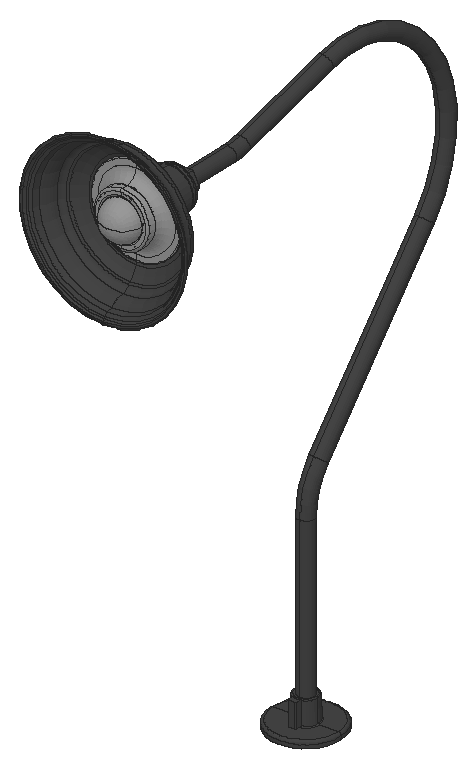
Revit family "BLE-G-WHB-G2-LED", category Lighting Fixtures, host Face, Revit 2022
Family settings
  Host = Face
  Round Connector Dimension = Use Diameter
  Part Type = Normal
  Cut with Voids When Loaded = No
  Light Source = Yes
  Maintain Annotation Orientation = No
  Shared = No
  Room Calculation Point = No
Parameters (values of type "11" Dome")
  Wattage = 5.72229 W
  built-in parameter 1150110 = 1 (stored number, unit not read)
  built-in parameter 1114217 = 1 (stored number, unit not read)
  Tilt Angle = 0.00°
  built-in parameter 1150109 = 1 (stored number, unit not read)
  built-in parameter 1150134 = (empty or 0)
  built-in parameter 1150113 = 1 (stored number, unit not read)
  Heat Sink 6" = yes
  Heat Sink = 1' - 1 3/4"
  Heat Sink 9" = no
  Gooseneck Material = 100 - Black
  Shade Material = 100 - Black
  Photometric Web File = "generic"
  built-in parameter 1150142 = (empty or 0)
  built-in parameter 1150105 = 67.641 (stored number, unit not read)
  Lumens = 850 lm
  built-in parameter 1150115 = 1 (stored number, unit not read)
  built-in parameter 1150137 = (empty or 0)
  built-in parameter 1150139 = (empty or 0)
  built-in parameter 1150112 = 1 (stored number, unit not read)
  built-in parameter 1150114 = 1 (stored number, unit not read)
  built-in parameter 1150132 = 2
  built-in parameter 1150102 = (empty or 0)
  built-in parameter 1150107 = 3000 (stored number, unit not read)
  built-in parameter 1150138 = (empty or 0)
  built-in parameter 1150106 = 0.67641 (stored number, unit not read)
  Flat = no
  built-in parameter 1150104 = 13.8 (stored number, unit not read)
  Dome = yes
  Dimming Lamp Color Temperature Shift = <None>
  Default Elevation = 4' - 0"
  Color Filter = 16777215
  Base Material = 100 - Black
  built-in parameter 1114218 = 1 (stored number, unit not read)
  built-in parameter 1150133 = 10 (stored number, unit not read)
  17" = no
  15" = no
  13" = no
  11" = yes
Reference planes (in)
  plane 1 "Center (Front/Back)": y = 0
  plane 2: z = 0
  plane 3 "Center (Left/Right)": x = 0
Lines and regions (in)
  reference lines
    curve 1: line (0, -13.75, 42.99662) -> (0, -13.75, 29.99662)
    curve 2: line (0, 34, 0) -> (0, -35, 0)
    curve 3: line (-37, 0, 0) -> (35, 0, 0)
Dimensions and locks (in)
  "Heat Sink": plane 1 "Center (Front/Back)" to curve 1
  locked: curve 1 to imposter light at 1
  aligned and locked: plane 2 to host face
  aligned and locked: level to host face
  aligned and locked: plane 3 "Center (Left/Right)" to nested 1
  aligned and locked: plane 1 "Center (Front/Back)" to nested 1
  aligned and locked: nested 4 to imposter light
  aligned and locked: nested 5 to imposter light
  aligned and locked: plane 3 "Center (Left/Right)" to nested 2
  aligned and locked: imposter light to nested 6
  aligned and locked: nested 3 to plane 3 "Center (Left/Right)"
  aligned and locked: nested 7 to imposter light
  aligned and locked: plane 1 "Center (Front/Back)" to curve 3
  aligned and locked: curve 2 to plane 3 "Center (Left/Right)"
  aligned and locked: nested 3 to imposter light
  aligned and locked: imposter light to nested 2
Automatic sketch dimensions
  host sketch curve to host sketch curve = 8' - 0"  (x2)
  curve 3 to plane 3 "Center (Left/Right)" = 3' - 1"
  plane 3 "Center (Left/Right)" to curve 3 = 2' - 11"
  plane 1 "Center (Front/Back)" to curve 2 = 2' - 11"
  curve 2 to plane 1 "Center (Front/Back)" = 2' - 10"
  level to curve 1 = 2' - 5.99662"
  curve 1 to curve 1 = 1' - 1"
Nested families (in)
  nested 1: "WBP-7501" at (0, 0, 0), type "WBP-7501"
  nested 2: "G2" at (0, 0, 1.975), type "G2"
  nested 3: "WHB Shade" at (0, -10.6684, 36.53884) x (0, 0, -1) z (0, -1, 0), type "WHB Shade"
    with 8" no, 6" no, 17" no, 15" no, 13" no
  nested 4: "103264" at (0, -13.75, 36.53884) x (0, 0, -1) z (0, -1, 0), type "103264"
    with Heat Sink 9" no
  nested 5: "ACR-0306" at (0, -15.00004, 36.53884) x (1, 0, 0) z (0, -1, 0), type "ACR-0306"
    with Flat no, Dome yes
  nested 6: "RNG-0007" at (0, -15.08114, 36.53884) x (0, 0, 1) z (0, -1, 0), type "RNG-0007"
  nested 7: "CPL-0004" at (0, -10.01822, 36.53884) x (1, 0, 0) z (0, -1, 0), type "CPL-0004"
  nested 8: "103805" at (0, -13.75, 36.53884) x (0, 0, -1) z (0, -1, 0), type "103805"
Connectors (in)
  electrical at (0, 0, 0)
    settings: index 1, voltage 0 V, apparent load 0 VA, apparent load phase1 0 VA, apparent load phase2 0 VA, apparent load phase3 0 VA, power factor 1, load classification "Other", number of poles 1, system type 31, power factor state 1, is connector primary yes, connector utility no, sub classification motor no, connector description ""
Definition of nested family "WBP-7501"
  Parameters (values of type "WBP-7501")
    Default Elevation = 3' - 0"
    Base Material = none
  Reference planes (in)
    plane 1 "Center (Front/Back)": y = 0
    plane 2: z = 0
    plane 3 "Center (Left/Right)": x = 0
    plane 4 "Base Dia": x = -2.325
    plane 5 "Base Height": z = 0.4
    plane 6 "Fillet Radius": z = 0.225
    plane 7: z = 0.458
    plane 8: x = -0.87
    plane 9: x = -0.81
    plane 10: x = -0.76
    plane 11: z = 1.917
    plane 12: z = 1.975
    plane 13: x = -0.7
    plane 14: x = -0.2595
    plane 15: x = 0.2595
    plane 16: y = -1.135
  Forms (in)
    Extrusion 1, solid
      sketch origin (0, 0, 0) x (1, 0, 0) y (0, 1, 0)
        loop
          line (-48, 48) -> (-48, -48) -> (48, -48) -> (48, 48) -> (-48, 48)
      from 0 to -12
    Revolve 2, solid, material <- "Base Material"
      sketch origin (0, 0, 0) x (1, 0, 0) y (0, 0, 1)
        loop
          line (0, 0) -> (0, 1.975) -> (-0.7, 1.975)
          arc (-0.7, 1.975) -> (-0.74172, 1.95814) -> (-0.76, 1.91702) r 0.06003
          line (-0.76, 1.91702) -> (-0.81, 0.458)
          arc (-0.81, 0.458) -> (-0.82699, 0.41699) -> (-0.868, 0.4) r 0.058
          line (-0.868, 0.4) -> (-2.15, 0.4)
          arc (-2.15, 0.4) -> (-2.27374, 0.34874) -> (-2.325, 0.225) r 0.175
          line (-2.325, 0.225) -> (-2.325, 0) -> (0, 0)
        axis (0, 0) -> (0, 1.975)
      angle from 0 to 360
    Extrusion 3, solid, material <- "Base Material"
      sketch origin (0, 0, 0) x (1, 0, 0) y (0, 1, 0)
        loop
          line (-0.2595, -0.76731) -> (-0.2595, -1.075)
          arc (-0.2595, -1.075) -> (-0.24193, -1.11743) -> (-0.1995, -1.135) r 0.06
          line (-0.1995, -1.135) -> (0.1995, -1.135)
          arc (0.1995, -1.135) -> (0.24193, -1.11743) -> (0.2595, -1.075) r 0.06
          line (0.2595, -1.075) -> (0.2595, -0.76731)
          arc (0.2595, -0.76731) -> (0, -0.81) -> (-0.2595, -0.76731) r 0.81
      from 0 to 1.975
  Cuts and joins
    joined: Revolve 2, Extrusion 3
  Dimensions and locks (in)
    plane 4 "Base Dia" to plane 3 "Center (Left/Right)" = 0' - 2.325"
    locked: plane 5 "Base Height" to Extrusion 1 at 0.4
    locked: plane 3 "Center (Left/Right)" to plane 4 "Base Dia" at 2.325
    locked: plane 5 "Base Height" to plane 6 "Fillet Radius" at 0.175
    locked: plane 3 "Center (Left/Right)" to plane 9 at 0.81
    locked: plane 3 "Center (Left/Right)" to plane 8 at 0.87
    locked: plane 3 "Center (Left/Right)" to plane 10 at 0.76
    locked: plane 3 "Center (Left/Right)" to plane 13 at 0.7
    locked: plane 11 to plane 5 "Base Height" at 1.517
    locked: plane 12 to plane 5 "Base Height" at 1.575
    locked: plane 7 to plane 5 "Base Height" at 0.058
    locked: plane 14 to plane 3 "Center (Left/Right)" at 0.2595
    locked: plane 3 "Center (Left/Right)" to plane 15 at 0.2595
    locked: plane 16 to plane 1 "Center (Front/Back)" at 1.135
    radius of Revolve 2 sketch curve = 0' - 0.175"
    aligned and locked: plane 2 to Extrusion 1
    aligned and locked: level to Extrusion 1
    aligned and locked: Revolve 2 sketch curve to plane 5 "Base Height"
    aligned and locked: plane 9 to Revolve 2 sketch curve
    aligned and locked: plane 3 "Center (Left/Right)" to Revolve 2 sketch curve
    aligned and locked: plane 15 to Extrusion 3 sketch curve
    aligned and locked: Extrusion 3 sketch curve to plane 16
    aligned and locked: Extrusion 3 sketch curve to plane 14
  Automatic sketch dimensions
    Extrusion 1 sketch curve to Extrusion 1 sketch curve = 8' - 0"  (x2)
    Revolve 2 sketch curve to level = 0' - 0"
    Revolve 2 sketch curve to plane 4 "Base Dia" = 0' - 0"
    Revolve 2 sketch curve to plane 7 = 0' - 0"  (x2)
    plane 10 to Revolve 2 sketch curve = 0' - 0"
    Revolve 2 sketch curve to plane 12 = 0' - 0"
    Revolve 2 sketch curve to plane 13 = 0' - 0"
    Revolve 2 sketch curve to plane 3 "Center (Left/Right)" = 0' - 0"
    Revolve 2 sketch curve to Revolve 2 sketch curve = 0' - 0.22742"
    Revolve 2 sketch curve to Revolve 2 sketch curve = 0' - 1.76377"
    plane 1 "Center (Front/Back)" to Extrusion 3 sketch curve = 0' - 0"
    Extrusion 3 sketch curve to plane 3 "Center (Left/Right)" = 0' - 0"
    plane 14 to Extrusion 3 sketch curve = 0' - 0.06"
    Extrusion 3 sketch curve to plane 15 = 0' - 0.06"
    Extrusion 3 sketch curve to Extrusion 3 sketch curve = 0' - 0.30769"
Definition of nested family "G2"
  Parameters (values of type "G2")
    Gooseneck Material = none
    Default Elevation = 2' - 0"
  Types (2): name
    G2
    G1
  Reference planes (in)
    plane 1 "Center (Front/Back)": y = 0
    plane 2: z = 0
    plane 3 "Center (Left/Right)": x = 0
    plane 4 "Wood Height": z = 0
    plane 5: z = 34.56384
  Forms (in)
    Extrusion 1, solid
      sketch origin (0, 0, 0) x (1, 0, 0) y (0, 1, 0)
        loop
          line (-48, 48) -> (-48, -48) -> (48, -48) -> (48, 48) -> (-48, 48)
      from 0 to -12
    Sweep 2, solid, material <- "Gooseneck Material"
      path origin (0, 0, 0) x (0, 1, 0) y (0, 0, 1)
        loop
          line (0, -0.0015) -> (0, 10.43002)
          arc (0, 10.43002) -> (0.27056, 11.96443) -> (1.0496, 13.31376) r 4.4863
          line (1.0496, 13.31376) -> (9.73039, 23.65912)
          arc (9.73039, 23.65912) -> (10.34916, 33.09982) -> (1.53148, 36.52883) r 8
          line (1.53148, 36.52883) -> (-5.23817, 34.71491)
          arc (-5.23817, 34.71491) -> (-5.80697, 34.60177) -> (-6.38567, 34.56384) r 4.4336
          line (-6.38567, 34.56384) -> (-10.01822, 34.56384)
      profile origin (0, 0, 5.21426) x (0, -1, 0) y (1, 0, 0)
        loop
          circle (0, 0) r 0.52676
  Dimensions and locks (in)
    aligned and locked: plane 2 to Extrusion 1
    aligned and locked: level to Extrusion 1
    aligned and locked: Extrusion 1 to plane 4 "Wood Height"
  Automatic sketch dimensions
    Extrusion 1 sketch curve to Extrusion 1 sketch curve = 8' - 0"  (x2)
    Sweep 2 sketch curve to plane 1 "Center (Front/Back)" = 0' - 0"
    plane 1 "Center (Front/Back)" to Sweep 2 sketch curve = 0' - 5.23817"
    Sweep 2 sketch curve to Sweep 2 sketch curve = 0' - 1.1475"
    Sweep 2 sketch curve to plane 1 "Center (Front/Back)" = 0' - 1.0496"
    Sweep 2 sketch curve to plane 1 "Center (Front/Back)" = 0' - 1.53148"
    Sweep 2 sketch curve to plane 1 "Center (Front/Back)" = 0' - 3.60203"
    Sweep 2 sketch curve to Sweep 2 sketch curve = 0' - 6.12836"
    level to Sweep 2 sketch curve = 0' - 10.43002"
    Sweep 2 sketch curve to Sweep 2 sketch curve = 0' - 3.63255"
    Sweep 2 sketch curve to level = 0' - 0.0015"
    Sweep 2 sketch curve to Sweep 2 sketch curve = 0' - 2.88374"
    Sweep 2 sketch curve to plane 3 "Center (Left/Right)" = 0' - 0"
    Sweep 2 sketch curve to profile plane = 0' - 0"
    radius of Sweep 2 sketch curve = 0' - 0.52676"
Definition of nested family "WHB Shade"
  Parameters (values of type "WHB Shade")
    Shade Material = none
    Default Elevation = 2' - 0"
    17" = yes
    15" = yes
    13" = yes
    11" = yes
    8" = yes
    6" = yes
  Reference planes (in)
    plane 1 "Center (Front/Back)": y = 0
    plane 2: z = 0
    plane 3 "Center (Left/Right)": x = 0
  Forms (in)
    Extrusion 1, solid
      sketch origin (0, 0, 0) x (1, 0, 0) y (0, 1, 0)
        loop
          line (-48, 48) -> (-48, -48) -> (48, -48) -> (48, 48) -> (-48, 48)
      from 0 to -12
  Dimensions and locks (in)
    aligned and locked: plane 2 to Extrusion 1
    aligned and locked: level to Extrusion 1
    aligned and locked: plane 1 "Center (Front/Back)" to nested 1
    aligned and locked: plane 3 "Center (Left/Right)" to nested 1
    aligned and locked: plane 3 "Center (Left/Right)" to nested 2
    aligned and locked: plane 1 "Center (Front/Back)" to nested 2
    aligned and locked: plane 1 "Center (Front/Back)" to nested 3
    aligned and locked: plane 3 "Center (Left/Right)" to nested 3
    aligned and locked: plane 3 "Center (Left/Right)" to nested 4
    aligned and locked: plane 1 "Center (Front/Back)" to nested 4
    aligned and locked: plane 1 "Center (Front/Back)" to nested 5
    aligned and locked: plane 3 "Center (Left/Right)" to nested 5
    aligned and locked: plane 3 "Center (Left/Right)" to nested 6
    aligned and locked: plane 1 "Center (Front/Back)" to nested 6
  Nested families (in)
    nested 1: "SHD-0073" at (0, 0, 0), visible <- "6"", type "SHD-0073"
    nested 2: "SHD-0074" at (0, 0, 0), visible <- "8"", type "SHD-0074"
    nested 3: "SHD-0019" at (0, 0, 0), visible <- "11"", type "SHD-0019"
    nested 4: "SHD-0020" at (0, 0, 0), visible <- "13"", type "SHD-0020"
    nested 5: "SHD-0022" at (0, 0, 0), visible <- "17"", type "SHD-0022"
    nested 6: "SHD-0021" at (0, 0, 0), visible <- "15"", type "SHD-0021"
  Definition of nested family "SHD-0073"
    Parameters (values of type "SHD-0073")
      Shade Material = none
      Default Elevation = 2' - 0"
    Reference planes (in)
      plane 1 "Center (Front/Back)": y = 0
      plane 2: z = 0
      plane 3 "Center (Left/Right)": x = 0
    Forms (in)
      Extrusion 1, solid
        sketch origin (0.09263, 0, 0.02324) x (1, 0, 0) y (0, 1, 0)
          loop
            line (-48, 48) -> (-48, -48) -> (48, -48) -> (48, 48) -> (-48, 48)
        from -0.02324 to -12
      Revolve 2, solid, material <- "Shade Material"
        sketch origin (0, 0, 0) x (1, 0, 0) y (0, 0, 1)
          loop
            line (0, 0.03906) -> (-0.87579, 0.03906)
            arc (-0.87579, 0.03906) -> (-0.93447, 0.06284) -> (-0.96005, 0.12076) r 0.0843
            line (-0.96005, 0.12076) -> (-0.98861, 1.04523)
            arc (-0.98861, 1.04523) -> (-1.01951, 1.13722) -> (-1.09617, 1.19672) r 0.16785
            arc (-1.09617, 1.19672) -> (-1.12932, 1.21983) -> (-1.14792, 1.25572) r 0.08435
            line (-1.14792, 1.25572) -> (-1.30194, 1.8953)
            arc (-1.30194, 1.8953) -> (-1.55722, 2.3583) -> (-2.01293, 2.62636) r 0.99978
            arc (-2.01293, 2.62636) -> (-2.33316, 2.81372) -> (-2.51458, 3.13736) r 0.70762
            line (-2.51458, 3.13736) -> (-2.88606, 4.61912)
            arc (-2.88606, 4.61912) -> (-2.89984, 4.6509) -> (-2.9231, 4.67657) r 0.10636
            arc (-2.9231, 4.67657) -> (-2.93679, 4.69272) -> (-2.94325, 4.71288) r 0.05416
            line (-2.94325, 4.71288) -> (-2.95995, 4.8599) -> (-2.99926, 4.8599) -> (-2.98018, 4.69189)
            arc (-2.98018, 4.69189) -> (-2.97181, 4.6682) -> (-2.95392, 4.65055) r 0.05598
            arc (-2.95392, 4.65055) -> (-2.93493, 4.63302) -> (-2.92395, 4.60962) r 0.0673
            line (-2.92395, 4.60962) -> (-2.55247, 3.12786)
            arc (-2.55247, 3.12786) -> (-2.36104, 2.78636) -> (-2.02313, 2.58865) r 0.74668
            arc (-2.02313, 2.58865) -> (-1.58522, 2.33106) -> (-1.33991, 1.88616) r 0.96072
            line (-1.33991, 1.88616) -> (-1.1859, 1.24657)
            arc (-1.1859, 1.24657) -> (-1.15869, 1.19407) -> (-1.11018, 1.16026) r 0.12341
            arc (-1.11018, 1.16026) -> (-1.05137, 1.1146) -> (-1.02765, 1.04402) r 0.12878
            line (-1.02765, 1.04402) -> (-0.99909, 0.11955)
            arc (-0.99909, 0.11955) -> (-0.96166, 0.0348) -> (-0.87579, 0) r 0.12336
            line (-0.87579, 0) -> (0, 0) -> (0, 0.03906)
          axis (0, 4.8599) -> (0, 0)
        angle from 0 to 360
    Dimensions and locks (in)
      aligned and locked: plane 2 to Extrusion 1
      aligned and locked: level to Extrusion 1
    Automatic sketch dimensions
      Extrusion 1 sketch curve to Extrusion 1 sketch curve = 8' - 0"  (x2)
      Revolve 2 sketch curve to Revolve 2 sketch curve = 0' - 0"  (x12)
      Revolve 2 sketch curve to level = 0' - 0"
      Revolve 2 sketch curve to plane 3 "Center (Left/Right)" = 0' - 0"  (x2)
      level to Revolve 2 sketch curve = 0' - 0.12336"
      Revolve 2 sketch curve to plane 3 "Center (Left/Right)" = 0' - 0.87579"
      level to Revolve 2 sketch curve = 0' - 0.12076"
      Revolve 2 sketch curve to Revolve 2 sketch curve = 0' - 0.08426"
      Revolve 2 sketch curve to Revolve 2 sketch curve = 0' - 0.02856"
      level to Revolve 2 sketch curve = 0' - 0.11955"
      Revolve 2 sketch curve to Revolve 2 sketch curve = 0' - 0 5/128"
      Revolve 2 sketch curve to Revolve 2 sketch curve = 0' - 0.03827"
      Revolve 2 sketch curve to Revolve 2 sketch curve = 0' - 0.08201"
      Revolve 2 sketch curve to Revolve 2 sketch curve = 0' - 0.12872"
      Revolve 2 sketch curve to Revolve 2 sketch curve = 0' - 0.03798"  (x2)
      Revolve 2 sketch curve to Revolve 2 sketch curve = 0' - 0.15401"
      Revolve 2 sketch curve to Revolve 2 sketch curve = 0' - 0 125/256"
      Revolve 2 sketch curve to Revolve 2 sketch curve = 0' - 0.93402"
      Revolve 2 sketch curve to Revolve 2 sketch curve = 0' - 0.68638"
      Revolve 2 sketch curve to Revolve 2 sketch curve = 0' - 0.03789"  (x2)
      Revolve 2 sketch curve to Revolve 2 sketch curve = 0' - 0.37148"
      Revolve 2 sketch curve to Revolve 2 sketch curve = 0' - 0.00338"
      Revolve 2 sketch curve to Revolve 2 sketch curve = 0' - 0.03513"
      Revolve 2 sketch curve to Revolve 2 sketch curve = 0' - 0.01869"
      Revolve 2 sketch curve to Revolve 2 sketch curve = 0' - 0.03693"
      Revolve 2 sketch curve to Revolve 2 sketch curve = 0' - 0.06528"
      Revolve 2 sketch curve to Revolve 2 sketch curve = 0' - 0.05601"
      Revolve 2 sketch curve to Revolve 2 sketch curve = 0' - 0.00121"
      Revolve 2 sketch curve to Revolve 2 sketch curve = 0' - 0.20652"
      Revolve 2 sketch curve to Revolve 2 sketch curve = 0' - 0.00914"  (x2)
      Revolve 2 sketch curve to Revolve 2 sketch curve = 0' - 0.01975"
      Revolve 2 sketch curve to Revolve 2 sketch curve = 0' - 1.46662"
      Revolve 2 sketch curve to Revolve 2 sketch curve = 0' - 0.0095"  (x2)
      Revolve 2 sketch curve to Revolve 2 sketch curve = 0' - 0.17208"
      Revolve 2 sketch curve to Revolve 2 sketch curve = 0' - 0.09863"
      Revolve 2 sketch curve to Revolve 2 sketch curve = 0' - 0.00632"
      Revolve 2 sketch curve to Revolve 2 sketch curve = 0' - 0.01467"
      Revolve 2 sketch curve to Revolve 2 sketch curve = 0' - 0.02078"
      Revolve 2 sketch curve to Revolve 2 sketch curve = 0' - 0.68038"
      Revolve 2 sketch curve to Revolve 2 sketch curve = 0' - 0.3547"
  Definition of nested family "SHD-0074"
    Parameters (values of type "SHD-0074")
      Shade Material = none
      Default Elevation = 2' - 0"
    Reference planes (in)
      plane 1 "Center (Front/Back)": y = 0
      plane 2: z = 0
      plane 3 "Center (Left/Right)": x = 0
    Forms (in)
      Extrusion 1, solid
        sketch origin (0.09263, 0, 0.02324) x (1, 0, 0) y (0, 1, 0)
          loop
            line (-48, 48) -> (-48, -48) -> (48, -48) -> (48, 48) -> (-48, 48)
        from -0.02324 to -12
      Revolve 2, solid, material <- "Shade Material"
        sketch origin (0, 0, 0) x (1, 0, 0) y (0, 0, 1)
          loop
            line (0, 0) -> (0, 0.03906) -> (-1.14807, 0.03906)
            arc (-1.14807, 0.03906) -> (-1.2741, 0.09017) -> (-1.32894, 0.21462) r 0.18095
            line (-1.32894, 0.21462) -> (-1.3651, 1.42566)
            arc (-1.3651, 1.42566) -> (-1.39345, 1.51093) -> (-1.46402, 1.56657) r 0.15656
            arc (-1.46402, 1.56657) -> (-1.53401, 1.61608) -> (-1.57335, 1.69225) r 0.18097
            line (-1.57335, 1.69225) -> (-1.77626, 2.52967)
            arc (-1.77626, 2.52967) -> (-2.09487, 3.10739) -> (-2.66269, 3.44334) r 1.25363
            arc (-2.66269, 3.44334) -> (-3.11575, 3.71011) -> (-3.37255, 4.1689) r 1.00681
            line (-3.37255, 4.1689) -> (-3.85994, 6.109)
            arc (-3.85994, 6.109) -> (-3.87317, 6.13828) -> (-3.8958, 6.16109) r 0.09052
            arc (-3.8958, 6.16109) -> (-3.92393, 6.19141) -> (-3.93708, 6.23062) r 0.09827
            line (-3.93708, 6.23062) -> (-3.96079, 6.44195) -> (-4.0001, 6.44195) -> (-3.9759, 6.22627)
            arc (-3.9759, 6.22627) -> (-3.95752, 6.17147) -> (-3.91821, 6.12909) r 0.13733
            arc (-3.91821, 6.12909) -> (-3.90535, 6.11612) -> (-3.89782, 6.09948) r 0.05146
            line (-3.89782, 6.09948) -> (-3.41044, 4.15939)
            arc (-3.41044, 4.15939) -> (-3.14367, 3.6828) -> (-2.67303, 3.40567) r 1.04587
            arc (-2.67303, 3.40567) -> (-2.12291, 3.08019) -> (-1.81423, 2.52047) r 1.21457
            line (-1.81423, 2.52047) -> (-1.61132, 1.68305)
            arc (-1.61132, 1.68305) -> (-1.56348, 1.59044) -> (-1.47839, 1.53025) r 0.22003
            arc (-1.47839, 1.53025) -> (-1.42543, 1.48849) -> (-1.40415, 1.42449) r 0.1175
            line (-1.40415, 1.42449) -> (-1.36798, 0.21345)
            arc (-1.36798, 0.21345) -> (-1.3013, 0.06214) -> (-1.14807, 0) r 0.22002
            line (-1.14807, 0) -> (0, 0)
          axis (0, 6.44195) -> (0, 0)
        angle from 0 to 360
    Dimensions and locks (in)
      aligned and locked: plane 2 to Extrusion 1
      aligned and locked: level to Extrusion 1
    Automatic sketch dimensions
      Extrusion 1 sketch curve to Extrusion 1 sketch curve = 8' - 0"  (x2)
      Revolve 2 sketch curve to Revolve 2 sketch curve = 0' - 0"  (x14)
      Revolve 2 sketch curve to level = 0' - 0"
      Revolve 2 sketch curve to plane 3 "Center (Left/Right)" = 0' - 0"  (x2)
      Revolve 2 sketch curve to plane 3 "Center (Left/Right)" = 0' - 1.14807"
      level to Revolve 2 sketch curve = 0' - 0.21462"
      Revolve 2 sketch curve to Revolve 2 sketch curve = 0' - 0.18087"
      Revolve 2 sketch curve to Revolve 2 sketch curve = 0' - 0.03617"
      level to Revolve 2 sketch curve = 0' - 0.21345"
      Revolve 2 sketch curve to Revolve 2 sketch curve = 0' - 0 5/128"  (x2)
      Revolve 2 sketch curve to Revolve 2 sketch curve = 0' - 0.03237"
      Revolve 2 sketch curve to Revolve 2 sketch curve = 0' - 0.11745"
      Revolve 2 sketch curve to Revolve 2 sketch curve = 0' - 0.17588"
      Revolve 2 sketch curve to Revolve 2 sketch curve = 0' - 0.03796"  (x2)
      Revolve 2 sketch curve to Revolve 2 sketch curve = 0' - 0.20291"
      Revolve 2 sketch curve to Revolve 2 sketch curve = 0' - 0.58186"
      Revolve 2 sketch curve to Revolve 2 sketch curve = 0' - 1.18041"
      Revolve 2 sketch curve to Revolve 2 sketch curve = 0' - 0.97647"
      Revolve 2 sketch curve to Revolve 2 sketch curve = 0' - 0.03789"  (x2)
      Revolve 2 sketch curve to Revolve 2 sketch curve = 0' - 0.46688"
      Revolve 2 sketch curve to Revolve 2 sketch curve = 0' - 0.02051"
      Revolve 2 sketch curve to Revolve 2 sketch curve = 0' - 0 25/256"
      Revolve 2 sketch curve to Revolve 2 sketch curve = 0' - 0.04991"
      Revolve 2 sketch curve to Revolve 2 sketch curve = 0' - 0.03882"
      Revolve 2 sketch curve to Revolve 2 sketch curve = 0' - 0.02419"
      Revolve 2 sketch curve to Revolve 2 sketch curve = 0' - 0.00117"
      Revolve 2 sketch curve to Revolve 2 sketch curve = 0' - 0.26206"
      Revolve 2 sketch curve to Revolve 2 sketch curve = 0' - 0.0092"  (x2)
      Revolve 2 sketch curve to Revolve 2 sketch curve = 0' - 0.04262"
      Revolve 2 sketch curve to Revolve 2 sketch curve = 0' - 1.92493"
      Revolve 2 sketch curve to Revolve 2 sketch curve = 0' - 0.00952"  (x2)
      Revolve 2 sketch curve to Revolve 2 sketch curve = 0' - 0.2453"
      Revolve 2 sketch curve to Revolve 2 sketch curve = 0' - 0.13933"
      Revolve 2 sketch curve to Revolve 2 sketch curve = 0' - 0.00435"
      Revolve 2 sketch curve to Revolve 2 sketch curve = 0' - 0.01095"
      Revolve 2 sketch curve to Revolve 2 sketch curve = 0' - 0.21568"
      Revolve 2 sketch curve to Revolve 2 sketch curve = 0' - 0.03931"
      Revolve 2 sketch curve to Revolve 2 sketch curve = 0' - 0.68038"
      Revolve 2 sketch curve to Revolve 2 sketch curve = 0' - 0.51514"
  Definition of nested family "SHD-0019"
    Parameters (values of type "SHD-0019")
      Shade Material = none
      Default Elevation = 2' - 0"
    Reference planes (in)
      plane 1 "Center (Front/Back)": y = 0
      plane 2: z = 0
      plane 3 "Center (Left/Right)": x = 0
    Forms (in)
      Extrusion 1, solid
        sketch origin (0.09263, 0, 0.02324) x (1, 0, 0) y (0, 1, 0)
          loop
            line (-48, 48) -> (-48, -48) -> (48, -48) -> (48, 48) -> (-48, 48)
        from -0.02324 to -12
      Revolve 2, solid, material <- "Shade Material"
        sketch origin (0, 0, 0) x (1, 0, 0) y (0, 0, 1)
          loop
            line (0, 0) -> (0, 0.03906) -> (-1.25514, 0.03906)
            arc (-1.25514, 0.03906) -> (-1.35614, 0.0809) -> (-1.39797, 0.1819) r 0.14284
            line (-1.39797, 0.1819) -> (-1.39797, 0.40436)
            arc (-1.39797, 0.40436) -> (-1.40946, 0.44193) -> (-1.43999, 0.46665) r 0.06717
            arc (-1.43999, 0.46665) -> (-1.46357, 0.48473) -> (-1.47446, 0.51238) r 0.05558
            line (-1.47446, 0.51238) -> (-1.65246, 2.20592)
            arc (-1.65246, 2.20592) -> (-1.81497, 2.52488) -> (-2.14916, 2.65316) r 0.49944
            line (-2.14916, 2.65316) -> (-2.24649, 2.65316)
            arc (-2.24649, 2.65316) -> (-2.31667, 2.67482) -> (-2.36287, 2.73191) r 0.12605
            arc (-2.36287, 2.73191) -> (-2.52975, 2.94415) -> (-2.78418, 3.03449) r 0.48568
            arc (-2.78418, 3.03449) -> (-2.86526, 3.04814) -> (-2.94157, 3.07874) r 0.38387
            line (-2.94157, 3.07874) -> (-3.22069, 3.22715)
            arc (-3.22069, 3.22715) -> (-3.61341, 3.48929) -> (-3.9463, 3.82416) r 2.36749
            arc (-3.9463, 3.82416) -> (-4.00593, 3.87819) -> (-4.079, 3.91189) r 0.26567
            arc (-4.079, 3.91189) -> (-4.32022, 4.07818) -> (-4.41249, 4.35625) r 0.46094
            arc (-4.41249, 4.35625) -> (-4.52362, 4.86613) -> (-4.83937, 5.28163) r 1.20855
            line (-4.83937, 5.28163) -> (-4.92424, 5.68987) -> (-5.13707, 5.82286)
            arc (-5.13707, 5.82286) -> (-5.1902, 5.86363) -> (-5.23456, 5.91381) r 0.34908
            line (-5.23456, 5.91381) -> (-5.32729, 6.04153) -> (-5.45509, 6.04153)
            arc (-5.45509, 6.04153) -> (-5.50157, 5.99506) -> (-5.45509, 5.94858) r 0.04648
            line (-5.45509, 5.94858) -> (-5.3113, 5.94858) -> (-5.26576, 5.89029)
            arc (-5.26576, 5.89029) -> (-5.21658, 5.83483) -> (-5.15777, 5.78973) r 0.38814
            line (-5.15777, 5.78973) -> (-4.95909, 5.66558) -> (-4.87486, 5.2604)
            arc (-4.87486, 5.2604) -> (-4.5619, 4.85582) -> (-4.45155, 4.35637) r 1.16949
            arc (-4.45155, 4.35637) -> (-4.35146, 4.05473) -> (-4.0898, 3.87435) r 0.5
            arc (-4.0898, 3.87435) -> (-4.02747, 3.8456) -> (-3.97662, 3.79952) r 0.22661
            arc (-3.97662, 3.79952) -> (-3.63823, 3.45913) -> (-3.23903, 3.19266) r 2.40656
            line (-3.23903, 3.19266) -> (-2.95991, 3.04425)
            arc (-2.95991, 3.04425) -> (-2.87583, 3.01053) -> (-2.7865, 2.99549) r 0.42293
            arc (-2.7865, 2.99549) -> (-2.55253, 2.91243) -> (-2.39908, 2.71725) r 0.44662
            arc (-2.39908, 2.71725) -> (-2.33853, 2.64244) -> (-2.24656, 2.6141) r 0.16512
            line (-2.24656, 2.6141) -> (-2.14916, 2.6141)
            arc (-2.14916, 2.6141) -> (-1.84111, 2.49585) -> (-1.6913, 2.20184) r 0.46038
            line (-1.6913, 2.20184) -> (-1.51331, 0.50829)
            arc (-1.51331, 0.50829) -> (-1.49476, 0.46122) -> (-1.45462, 0.43043) r 0.09464
            arc (-1.45462, 0.43043) -> (-1.44184, 0.42008) -> (-1.43704, 0.40436) r 0.02811
            line (-1.43704, 0.40436) -> (-1.43704, 0.1819)
            arc (-1.43704, 0.1819) -> (-1.38376, 0.05328) -> (-1.25514, 0) r 0.1819
            line (-1.25514, 0) -> (0, 0)
          axis (0, 6.04153) -> (0, 0)
        angle from 0 to 360
    Dimensions and locks (in)
      aligned and locked: plane 2 to Extrusion 1
      aligned and locked: level to Extrusion 1
    Automatic sketch dimensions
      Extrusion 1 sketch curve to Extrusion 1 sketch curve = 8' - 0"  (x2)
      Revolve 2 sketch curve to Revolve 2 sketch curve = 0' - 0"  (x30)
      Revolve 2 sketch curve to level = 0' - 0"
      Revolve 2 sketch curve to plane 3 "Center (Left/Right)" = 0' - 0"  (x2)
      Revolve 2 sketch curve to plane 3 "Center (Left/Right)" = 0' - 1.25514"
      Revolve 2 sketch curve to Revolve 2 sketch curve = 0' - 0.14284"
      Revolve 2 sketch curve to Revolve 2 sketch curve = 0' - 0.02121"
      Revolve 2 sketch curve to Revolve 2 sketch curve = 0' - 0 5/128"
      Revolve 2 sketch curve to Revolve 2 sketch curve = 0' - 0.02811"
      level to Revolve 2 sketch curve = 0' - 0.51238"
      Revolve 2 sketch curve to Revolve 2 sketch curve = 0' - 0.05528"
      level to Revolve 2 sketch curve = 0' - 0.50829"
      Revolve 2 sketch curve to Revolve 2 sketch curve = 0' - 0.03885"  (x2)
      Revolve 2 sketch curve to plane 3 "Center (Left/Right)" = 0' - 1.65246"
      Revolve 2 sketch curve to plane 3 "Center (Left/Right)" = 0' - 2.10922"
      Revolve 2 sketch curve to Revolve 2 sketch curve = 0' - 0.45786"
      Revolve 2 sketch curve to Revolve 2 sketch curve = 0' - 0.09686"
      Revolve 2 sketch curve to Revolve 2 sketch curve = 0' - 0.09733"
      Revolve 2 sketch curve to Revolve 2 sketch curve = 0' - 0.00007"
      Revolve 2 sketch curve to Revolve 2 sketch curve = 0' - 0.51533"
      Revolve 2 sketch curve to Revolve 2 sketch curve = 0' - 0.5665"
      Revolve 2 sketch curve to Revolve 2 sketch curve = 0' - 0.18022"
      Revolve 2 sketch curve to Revolve 2 sketch curve = 0' - 0.01834"  (x2)
      Revolve 2 sketch curve to Revolve 2 sketch curve = 0' - 0.27912"
      Revolve 2 sketch curve to Revolve 2 sketch curve = 0' - 0.73086"
      Revolve 2 sketch curve to Revolve 2 sketch curve = 0' - 0.2009"
      Revolve 2 sketch curve to Revolve 2 sketch curve = 0' - 0.88782"
      Revolve 2 sketch curve to Revolve 2 sketch curve = 0' - 0.03549"
      Revolve 2 sketch curve to Revolve 2 sketch curve = 0' - 0.08486"
      Revolve 2 sketch curve to Revolve 2 sketch curve = 0' - 0.02785"
      Revolve 2 sketch curve to Revolve 2 sketch curve = 0' - 0.03485"
      Revolve 2 sketch curve to Revolve 2 sketch curve = 0' - 0.17798"
      Revolve 2 sketch curve to Revolve 2 sketch curve = 0' - 0.0207"
      Revolve 2 sketch curve to Revolve 2 sketch curve = 0' - 0.0975"
      Revolve 2 sketch curve to Revolve 2 sketch curve = 0' - 0.03119"
      Revolve 2 sketch curve to Revolve 2 sketch curve = 0' - 0.04554"
      Revolve 2 sketch curve to Revolve 2 sketch curve = 0' - 0.14379"
      Revolve 2 sketch curve to Revolve 2 sketch curve = 0' - 0.74618"
      Revolve 2 sketch curve to Revolve 2 sketch curve = 0' - 0.10801"
      Revolve 2 sketch curve to Revolve 2 sketch curve = 0' - 0.00581"
      Revolve 2 sketch curve to Revolve 2 sketch curve = 0' - 0.00408"
      Revolve 2 sketch curve to Revolve 2 sketch curve = 0' - 0.06443"
      Revolve 2 sketch curve to Revolve 2 sketch curve = 0' - 0.12605"
      Revolve 2 sketch curve to Revolve 2 sketch curve = 0' - 0.49458"
      Revolve 2 sketch curve to Revolve 2 sketch curve = 0' - 0.03449"  (x2)
      Revolve 2 sketch curve to Revolve 2 sketch curve = 0' - 0.14841"
      Revolve 2 sketch curve to Revolve 2 sketch curve = 0' - 0.46392"
      Revolve 2 sketch curve to Revolve 2 sketch curve = 0' - 0.69828"
      Revolve 2 sketch curve to Revolve 2 sketch curve = 0' - 0.70331"
      Revolve 2 sketch curve to Revolve 2 sketch curve = 0' - 0.90051"
      Revolve 2 sketch curve to Revolve 2 sketch curve = 0' - 0.02122"
      Revolve 2 sketch curve to Revolve 2 sketch curve = 0' - 1.89985"
      Revolve 2 sketch curve to Revolve 2 sketch curve = 0' - 0.38395"
      Revolve 2 sketch curve to Revolve 2 sketch curve = 0' - 0.02429"
      Revolve 2 sketch curve to Revolve 2 sketch curve = 0' - 0.12415"
      Revolve 2 sketch curve to Revolve 2 sketch curve = 0' - 0.03313"
      Revolve 2 sketch curve to Revolve 2 sketch curve = 0' - 0.05829"
      Revolve 2 sketch curve to Revolve 2 sketch curve = 0' - 0.04648"
      Revolve 2 sketch curve to Revolve 2 sketch curve = 0' - 0.01599"
      Revolve 2 sketch curve to Revolve 2 sketch curve = 0' - 0.68038"
      Revolve 2 sketch curve to Revolve 2 sketch curve = 0' - 1.53056"
  Definition of nested family "SHD-0020"
    Parameters (values of type "SHD-0020")
      Shade Material = none
      Default Elevation = 2' - 0"
    Reference planes (in)
      plane 1 "Center (Front/Back)": y = 0
      plane 2: z = 0
      plane 3 "Center (Left/Right)": x = 0
      plane 4: x = -1.27876
      plane 5: z = 0.137
      plane 6: x = -1.44076
      plane 7: x = -1.46776
      plane 8: z = 0.294
      plane 9: x = -1.48176
      plane 10: z = 0.311
      plane 11: z = 0.395
      plane 12: x = -1.54476
      plane 13: z = 2.088
      plane 14: x = -1.72276
      plane 15: z = 2.5
      plane 16: x = -2.18076
      plane 17: z = 2.608
      plane 18: x = -2.43176
      plane 19: x = -2.82376
      plane 20: z = 2.873
      plane 21: z = 2.895
      plane 22: x = -2.87876
      plane 23: z = 2.954
      plane 24: x = -2.95276
      plane 25: z = 3.023
      plane 26: x = -3.10676
      plane 27: x = -2.27776
    Forms (in)
      Extrusion 1, solid
        sketch origin (0.09263, 0, 0.02324) x (1, 0, 0) y (0, 1, 0)
          loop
            line (-48, 48) -> (-48, -48) -> (48, -48) -> (48, 48) -> (-48, 48)
        from -0.02324 to -12
      Revolve 2, solid, material <- "Shade Material"
        sketch origin (0, 0, 0) x (1, 0, 0) y (0, 0, 1)
          loop
            line (0, 0) -> (0, 0.03906) -> (-1.2768, 0.03906)
            arc (-1.2768, 0.03906) -> (-1.35899, 0.06907) -> (-1.4025, 0.14499) r 0.12754
            line (-1.4025, 0.14499) -> (-1.42739, 0.28969)
            arc (-1.42739, 0.28969) -> (-1.44233, 0.32466) -> (-1.47142, 0.34916) r 0.08217
            arc (-1.47142, 0.34916) -> (-1.49504, 0.36972) -> (-1.50591, 0.39908) r 0.06331
            line (-1.50591, 0.39908) -> (-1.68358, 2.08888)
            arc (-1.68358, 2.08888) -> (-1.84717, 2.40993) -> (-2.18358, 2.53906) r 0.50276
            line (-2.18358, 2.53906) -> (-2.27776, 2.53906)
            arc (-2.27776, 2.53906) -> (-2.34786, 2.56062) -> (-2.39372, 2.61784) r 0.12473
            arc (-2.39372, 2.61784) -> (-2.41079, 2.65638) -> (-2.43086, 2.69346) r 0.53263
            arc (-2.43086, 2.69346) -> (-2.45841, 2.73306) -> (-2.49138, 2.76828) r 0.33419
            arc (-2.49138, 2.76828) -> (-2.64394, 2.86795) -> (-2.82078, 2.91195) r 0.54674
            arc (-2.82078, 2.91195) -> (-2.83844, 2.91605) -> (-2.85406, 2.92526) r 0.05986
            arc (-2.85406, 2.92526) -> (-2.8952, 2.95841) -> (-2.93676, 2.99103) r 4.15249
            arc (-2.93676, 2.99103) -> (-2.99577, 3.02797) -> (-3.06095, 3.05248) r 0.34928
            arc (-3.06095, 3.05248) -> (-3.46112, 3.1896) -> (-3.85731, 3.33784) r 15.14749
            arc (-3.85731, 3.33784) -> (-4.46904, 3.49158) -> (-4.95194, 3.89736) r 1.4056
            arc (-4.95194, 3.89736) -> (-5.04169, 3.99802) -> (-5.14674, 4.08258) r 0.81868
            arc (-5.14674, 4.08258) -> (-5.26733, 4.21645) -> (-5.31172, 4.39106) r 0.3756
            arc (-5.31172, 4.39106) -> (-5.41744, 4.87257) -> (-5.70989, 5.26943) r 1.18543
            line (-5.70989, 5.26943) -> (-5.94098, 5.69562)
            arc (-5.94098, 5.69562) -> (-6.01104, 5.79125) -> (-6.10412, 5.86465) r 0.43906
            arc (-6.10412, 5.86465) -> (-6.17847, 5.91786) -> (-6.24224, 5.98339) r 0.51485
            line (-6.24224, 5.98339) -> (-6.32179, 6.09289) -> (-6.45519, 6.09289)
            arc (-6.45519, 6.09289) -> (-6.50155, 6.04653) -> (-6.45519, 6.00017) r 0.04636
            line (-6.45519, 6.00017) -> (-6.30624, 6.00017) -> (-6.27254, 5.95874)
            arc (-6.27254, 5.95874) -> (-6.20394, 5.88824) -> (-6.12395, 5.83099) r 0.55391
            arc (-6.12395, 5.83099) -> (-6.03914, 5.76412) -> (-5.97532, 5.677) r 0.4
            line (-5.97532, 5.677) -> (-5.74093, 5.24473)
            arc (-5.74093, 5.24473) -> (-5.45443, 4.85954) -> (-5.35078, 4.3908) r 1.14637
            arc (-5.35078, 4.3908) -> (-5.30178, 4.19802) -> (-5.16865, 4.05024) r 0.41466
            arc (-5.16865, 4.05024) -> (-5.06861, 3.96971) -> (-4.98314, 3.87386) r 0.77962
            arc (-4.98314, 3.87386) -> (-4.48993, 3.4584) -> (-3.86507, 3.29894) r 1.44467
            arc (-3.86507, 3.29894) -> (-3.47051, 3.15147) -> (-3.07201, 3.015) r 15.18656
            arc (-3.07201, 3.015) -> (-3.01358, 2.9932) -> (-2.96068, 2.96015) r 0.31022
            arc (-2.96068, 2.96015) -> (-2.91951, 2.92783) -> (-2.87876, 2.895) r 4.11343
            arc (-2.87876, 2.895) -> (-2.85295, 2.87979) -> (-2.82376, 2.873) r 0.09892
            arc (-2.82376, 2.873) -> (-2.65956, 2.83215) -> (-2.5179, 2.73959) r 0.50768
            arc (-2.5179, 2.73959) -> (-2.48878, 2.70849) -> (-2.46445, 2.67352) r 0.29513
            arc (-2.46445, 2.67352) -> (-2.44585, 2.63916) -> (-2.43004, 2.60345) r 0.49356
            arc (-2.43004, 2.60345) -> (-2.36981, 2.52831) -> (-2.27776, 2.5) r 0.1638
            line (-2.27776, 2.5) -> (-2.18358, 2.5)
            arc (-2.18358, 2.5) -> (-1.87331, 2.3809) -> (-1.72243, 2.08479) r 0.46369
            line (-1.72243, 2.08479) -> (-1.54476, 0.395)
            arc (-1.54476, 0.395) -> (-1.52718, 0.34751) -> (-1.48898, 0.31427) r 0.10237
            arc (-1.48898, 0.31427) -> (-1.47372, 0.30141) -> (-1.46588, 0.28307) r 0.04311
            line (-1.46588, 0.28307) -> (-1.441, 0.13837)
            arc (-1.441, 0.13837) -> (-1.38416, 0.0392) -> (-1.2768, 0) r 0.1666
            line (-1.2768, 0) -> (0, 0)
          axis (0, 6.09289) -> (0, 0)
        angle from 0 to 360
    Dimensions and locks (in)
      locked: plane 5 to Extrusion 1 at 0.137
      locked: plane 8 to plane 5 at 0.157
      locked: plane 10 to plane 8 at 0.017
      locked: plane 11 to plane 10 at 0.084
      locked: plane 13 to plane 11 at 1.693
      locked: plane 15 to plane 13 at 0.412
      locked: plane 17 to plane 15 at 0.108
      locked: plane 20 to plane 17 at 0.265
      locked: plane 21 to plane 20 at 0.022
      locked: plane 23 to plane 21 at 0.059
      locked: plane 25 to plane 23 at 0.069
      locked: plane 16 to plane 27 at 0.097
      locked: plane 3 "Center (Left/Right)" to plane 4 at 1.27876
      locked: plane 4 to plane 6 at 0.162
      locked: plane 6 to plane 9 at 0.041
      locked: plane 9 to plane 12 at 0.063
      locked: plane 12 to plane 14 at 0.178
      locked: plane 14 to plane 16 at 0.458
      locked: plane 27 to plane 18 at 0.154
      locked: plane 18 to plane 19 at 0.392
      locked: plane 19 to plane 22 at 0.055
      locked: plane 22 to plane 24 at 0.074
      locked: plane 24 to plane 26 at 0.154
      aligned and locked: plane 2 to Extrusion 1
      aligned and locked: level to Extrusion 1
      aligned and locked: Revolve 2 sketch curve to plane 3 "Center (Left/Right)"  (x2)
    Automatic sketch dimensions
      Extrusion 1 sketch curve to Extrusion 1 sketch curve = 8' - 0"  (x2)
      Revolve 2 sketch curve to Revolve 2 sketch curve = 0' - 0"  (x48)
      Revolve 2 sketch curve to plane 21 = 0' - 0"  (x2)
      Revolve 2 sketch curve to plane 22 = 0' - 0"
      Revolve 2 sketch curve to plane 19 = 0' - 0"  (x2)
      Revolve 2 sketch curve to plane 27 = 0' - 0"  (x2)
      Revolve 2 sketch curve to plane 15 = 0' - 0"
      Revolve 2 sketch curve to plane 11 = 0' - 0"
      Revolve 2 sketch curve to plane 12 = 0' - 0"
      Revolve 2 sketch curve to level = 0' - 0"
      Revolve 2 sketch curve to plane 20 = 0' - 0"
      Revolve 2 sketch curve to plane 22 = 0' - 0.01011"
      Revolve 2 sketch curve to plane 26 = 0' - 0.04391"
      Revolve 2 sketch curve to plane 26 = 0' - 0.72253"
      Revolve 2 sketch curve to Revolve 2 sketch curve = 0' - 1.10683"
      Revolve 2 sketch curve to level = 0' - 0.29157"
      Revolve 2 sketch curve to plane 26 = 0' - 2.37317"
      plane 25 to Revolve 2 sketch curve = 0' - 0.38173"
      Revolve 2 sketch curve to Revolve 2 sketch curve = 0' - 0.6697"
      Revolve 2 sketch curve to Revolve 2 sketch curve = 0' - 0.77377"
      Revolve 2 sketch curve to Revolve 2 sketch curve = 0' - 0.03104"
      Revolve 2 sketch curve to Revolve 2 sketch curve = 0' - 0.13294"
      Revolve 2 sketch curve to Revolve 2 sketch curve = 0' - 0.23109"
      Revolve 2 sketch curve to Revolve 2 sketch curve = 0' - 0.03434"
      Revolve 2 sketch curve to Revolve 2 sketch curve = 0' - 0.26692"
      Revolve 2 sketch curve to Revolve 2 sketch curve = 0' - 0.0303"
      Revolve 2 sketch curve to Revolve 2 sketch curve = 0' - 0.0337"
      Revolve 2 sketch curve to Revolve 2 sketch curve = 0' - 0.35163"
      Revolve 2 sketch curve to Revolve 2 sketch curve = 0' - 0.14895"
      Revolve 2 sketch curve to Revolve 2 sketch curve = 0' - 0.17017"
      plane 22 to Revolve 2 sketch curve = 0' - 0.01624"
      plane 15 to Revolve 2 sketch curve = 0' - 0.02288"
      plane 19 to Revolve 2 sketch curve = 0' - 0.10553"
      Revolve 2 sketch curve to plane 16 = 0' - 0.00281"
      plane 14 to Revolve 2 sketch curve = 0' - 0.00034"
      plane 13 to Revolve 2 sketch curve = 0' - 0.00088"
      Revolve 2 sketch curve to Revolve 2 sketch curve = 0' - 0.03885"
      Revolve 2 sketch curve to plane 9 = 0' - 0.02661"
      plane 11 to Revolve 2 sketch curve = 0' - 0.00408"
      Revolve 2 sketch curve to plane 9 = 0' - 0.02415"
      plane 7 to Revolve 2 sketch curve = 0' - 0.00188"
      Revolve 2 sketch curve to plane 6 = 0' - 0.00219"
      Revolve 2 sketch curve to plane 6 = 0' - 0.00024"
      Revolve 2 sketch curve to plane 8 = 0' - 0.00431"
      plane 6 to Revolve 2 sketch curve = 0' - 0.01338"
      plane 5 to Revolve 2 sketch curve = 0' - 0.00799"
      plane 6 to Revolve 2 sketch curve = 0' - 0.03826"
      plane 4 to Revolve 2 sketch curve = 0' - 0.00196"
      plane 3 "Center (Left/Right)" to Revolve 2 sketch curve = 0' - 1.64861"
      level to Revolve 2 sketch curve = 0' - 0 5/128"
      plane 11 to Revolve 2 sketch curve = 0' - 0.0107"
      Revolve 2 sketch curve to Revolve 2 sketch curve = 0' - 0.0548"
      plane 17 to Revolve 2 sketch curve = 0' - 0.0558"
      plane 17 to Revolve 2 sketch curve = 0' - 0.10691"
      Revolve 2 sketch curve to Revolve 2 sketch curve = 0' - 0.97841"
      Revolve 2 sketch curve to Revolve 2 sketch curve = 0' - 0.98884"
      Revolve 2 sketch curve to Revolve 2 sketch curve = 0' - 0.34959"
      Revolve 2 sketch curve to Revolve 2 sketch curve = 0' - 0.86159"
      Revolve 2 sketch curve to Revolve 2 sketch curve = 0' - 0.0247"
      Revolve 2 sketch curve to Revolve 2 sketch curve = 0' - 0.24161"
      Revolve 2 sketch curve to Revolve 2 sketch curve = 0' - 0.01862"
      Revolve 2 sketch curve to Revolve 2 sketch curve = 0' - 0.28174"
      Revolve 2 sketch curve to Revolve 2 sketch curve = 0' - 0.02465"
      Revolve 2 sketch curve to Revolve 2 sketch curve = 0' - 0.04143"
      Revolve 2 sketch curve to Revolve 2 sketch curve = 0' - 0.04636"
      Revolve 2 sketch curve to Revolve 2 sketch curve = 0' - 11.14097"
      plane 24 to Revolve 2 sketch curve = 0' - 0.01601"
      plane 25 to Revolve 2 sketch curve = 0' - 0.02948"
      Revolve 2 sketch curve to plane 25 = 0' - 0.008"
      plane 25 to Revolve 2 sketch curve = 0' - 0.31484"
      Revolve 2 sketch curve to Revolve 2 sketch curve = 0' - 0.00777"
      Revolve 2 sketch curve to Revolve 2 sketch curve = 0' - 0.01555"
      plane 11 to Revolve 2 sketch curve = 0' - 0.32444"
      plane 13 to Revolve 2 sketch curve = 0' - 0.162"
  Definition of nested family "SHD-0022"
    Parameters (values of type "SHD-0022")
      Shade Material = none
      Default Elevation = 2' - 0"
    Reference planes (in)
      plane 1 "Center (Front/Back)": y = 0
      plane 2: z = 0
      plane 3 "Center (Left/Right)": x = 0
      plane 4: x = -1.27876
      plane 5: z = 0.137
      plane 6: x = -1.44076
      plane 7: x = -1.46776
      plane 8: z = 0.294
      plane 9: x = -1.48176
      plane 10: z = 0.311
      plane 11: z = 0.395
      plane 12: x = -1.54476
      plane 13: z = 2.088
      plane 14: x = -1.72276
      plane 15: z = 2.5
      plane 16: x = -2.18076
      plane 17: z = 2.608
      plane 18: x = -2.43176
      plane 19: x = -2.82376
      plane 20: z = 2.873
      plane 21: z = 2.895
      plane 22: x = -2.87876
      plane 23: z = 2.954
      plane 24: x = -2.95276
      plane 25: z = 3.023
      plane 26: x = -3.10676
      plane 27: z = 4.006
      plane 28: x = -6.02976
      plane 29: z = 4.19
      plane 30: x = -6.22876
      plane 31: z = 4.534
      plane 32: x = -6.40776
      plane 33: z = 5.391
      plane 34: x = -6.78276
      plane 35: z = 7.548
      plane 36: x = -7.74776
      plane 37: z = 7.704
      plane 38: x = -7.94076
      plane 39: z = 7.872
      plane 40: x = -8.19776
      plane 41: z = 8.118
      plane 42: x = -8.33276
      plane 43: x = -2.27776
      plane 44: z = 3.556
      plane 45: x = -5.39176
      plane 46: z = 7.958
      plane 47: x = -8.40976
      plane 48: x = -8.44276
    Forms (in)
      Extrusion 1, solid
        sketch origin (0.09263, 0, 0.02324) x (1, 0, 0) y (0, 1, 0)
          loop
            line (-48, 48) -> (-48, -48) -> (48, -48) -> (48, 48) -> (-48, 48)
        from -0.02324 to -12
      Revolve 2, solid, material <- "Shade Material"
        sketch origin (0, 0, 0) x (1, 0, 0) y (0, 0, 1)
          loop
            line (0, 0) -> (0, 0.03906) -> (-1.2768, 0.03906)
            arc (-1.2768, 0.03906) -> (-1.35899, 0.06907) -> (-1.4025, 0.14499) r 0.12754
            line (-1.4025, 0.14499) -> (-1.42739, 0.28969)
            arc (-1.42739, 0.28969) -> (-1.44233, 0.32466) -> (-1.47142, 0.34916) r 0.08217
            arc (-1.47142, 0.34916) -> (-1.49504, 0.36972) -> (-1.50591, 0.39908) r 0.06331
            line (-1.50591, 0.39908) -> (-1.68358, 2.08888)
            arc (-1.68358, 2.08888) -> (-1.84717, 2.40993) -> (-2.18358, 2.53906) r 0.50276
            line (-2.18358, 2.53906) -> (-2.27776, 2.53906)
            arc (-2.27776, 2.53906) -> (-2.34938, 2.56167) -> (-2.39504, 2.62131) r 0.12473
            arc (-2.39504, 2.62131) -> (-2.55131, 2.82856) -> (-2.79707, 2.91211) r 0.44133
            arc (-2.79707, 2.91211) -> (-2.83676, 2.91975) -> (-2.87199, 2.93956) r 0.1261
            line (-2.87199, 2.93956) -> (-2.92841, 2.98454)
            arc (-2.92841, 2.98454) -> (-3.00942, 3.0339) -> (-3.10018, 3.0615) r 0.37764
            arc (-3.10018, 3.0615) -> (-4.24836, 3.29338) -> (-5.38063, 3.59344) r 19.59479
            arc (-5.38063, 3.59344) -> (-5.72518, 3.76057) -> (-5.99823, 4.02905) r 1.18223
            arc (-5.99823, 4.02905) -> (-6.09382, 4.13633) -> (-6.20825, 4.22324) r 0.74421
            arc (-6.20825, 4.22324) -> (-6.33104, 4.35535) -> (-6.36877, 4.53172) r 0.33924
            arc (-6.36877, 4.53172) -> (-6.45485, 5.01888) -> (-6.75083, 5.41527) r 1.07019
            line (-6.75083, 5.41527) -> (-7.69881, 7.53424)
            arc (-7.69881, 7.53424) -> (-7.79334, 7.66335) -> (-7.9325, 7.74234) r 0.38149
            arc (-7.9325, 7.74234) -> (-8.06116, 7.80348) -> (-8.16817, 7.8975) r 0.51543
            line (-8.16817, 7.8975) -> (-8.39186, 8.15706) -> (-8.44276, 8.15706)
            arc (-8.44276, 8.15706) -> (-8.56183, 8.038) -> (-8.44276, 7.91894) r 0.11906
            line (-8.44276, 7.91894) -> (-8.33276, 7.91894) -> (-8.33276, 7.958) -> (-8.44276, 7.958)
            arc (-8.44276, 7.958) -> (-8.52276, 8.038) -> (-8.44276, 8.118) r 0.08
            line (-8.44276, 8.118) -> (-8.40976, 8.118) -> (-8.19776, 7.872)
            arc (-8.19776, 7.872) -> (-8.08264, 7.77085) -> (-7.94422, 7.70508) r 0.5545
            arc (-7.94422, 7.70508) -> (-7.81932, 7.63418) -> (-7.73447, 7.51829) r 0.34243
            line (-7.73447, 7.51829) -> (-6.78276, 5.391)
            arc (-6.78276, 5.391) -> (-6.49249, 5.00747) -> (-6.40776, 4.534) r 1.03113
            arc (-6.40776, 4.534) -> (-6.36569, 4.33732) -> (-6.22876, 4.19) r 0.3783
            arc (-6.22876, 4.19) -> (-6.12034, 4.10765) -> (-6.02976, 4.006) r 0.70515
            arc (-6.02976, 4.006) -> (-5.74769, 3.72865) -> (-5.39176, 3.556) r 1.22129
            arc (-5.39176, 3.556) -> (-4.25723, 3.25534) -> (-3.10676, 3.023) r 19.63385
            arc (-3.10676, 3.023) -> (-3.0254, 2.99825) -> (-2.95276, 2.954) r 0.33858
            line (-2.95276, 2.954) -> (-2.89634, 2.90902)
            arc (-2.89634, 2.90902) -> (-2.85019, 2.88307) -> (-2.79821, 2.87306) r 0.16516
            arc (-2.79821, 2.87306) -> (-2.57421, 2.79691) -> (-2.43176, 2.608) r 0.40227
            arc (-2.43176, 2.608) -> (-2.37181, 2.52969) -> (-2.27776, 2.5) r 0.1638
            line (-2.27776, 2.5) -> (-2.18358, 2.5)
            arc (-2.18358, 2.5) -> (-1.87331, 2.3809) -> (-1.72243, 2.08479) r 0.46369
            line (-1.72243, 2.08479) -> (-1.54476, 0.395)
            arc (-1.54476, 0.395) -> (-1.52718, 0.34751) -> (-1.48898, 0.31427) r 0.10237
            arc (-1.48898, 0.31427) -> (-1.47372, 0.30141) -> (-1.46588, 0.28307) r 0.04311
            line (-1.46588, 0.28307) -> (-1.441, 0.13837)
            arc (-1.441, 0.13837) -> (-1.38416, 0.0392) -> (-1.2768, 0) r 0.1666
            line (-1.2768, 0) -> (0, 0)
          axis (0, 8.15706) -> (0, 0)
        angle from 0 to 360
    Dimensions and locks (in)
      locked: plane 5 to Extrusion 1 at 0.137
      locked: plane 8 to plane 5 at 0.157
      locked: plane 10 to plane 8 at 0.017
      locked: plane 11 to plane 10 at 0.084
      locked: plane 13 to plane 11 at 1.693
      locked: plane 15 to plane 13 at 0.412
      locked: plane 17 to plane 15 at 0.108
      locked: plane 20 to plane 17 at 0.265
      locked: plane 21 to plane 20 at 0.022
      locked: plane 23 to plane 21 at 0.059
      locked: plane 25 to plane 23 at 0.069
      locked: plane 29 to plane 27 at 0.184
      locked: plane 31 to plane 29 at 0.344
      locked: plane 33 to plane 31 at 0.857
      locked: plane 35 to plane 33 at 2.157
      locked: plane 37 to plane 35 at 0.156
      locked: plane 39 to plane 37 at 0.168
      locked: plane 41 to plane 39 at 0.246
      locked: plane 16 to plane 43 at 0.097
      locked: plane 44 to plane 25 at 0.533
      locked: plane 27 to plane 44 at 0.45
      locked: plane 41 to plane 46 at 0.16
      locked: plane 3 "Center (Left/Right)" to plane 4 at 1.27876
      locked: plane 4 to plane 6 at 0.162
      locked: plane 6 to plane 9 at 0.041
      locked: plane 9 to plane 12 at 0.063
      locked: plane 12 to plane 14 at 0.178
      locked: plane 14 to plane 16 at 0.458
      locked: plane 43 to plane 18 at 0.154
      locked: plane 18 to plane 19 at 0.392
      locked: plane 19 to plane 22 at 0.055
      locked: plane 22 to plane 24 at 0.074
      locked: plane 24 to plane 26 at 0.154
      locked: plane 3 "Center (Left/Right)" to plane 45 at 5.39176
      locked: plane 45 to plane 28 at 0.638
      locked: plane 28 to plane 30 at 0.199
      locked: plane 30 to plane 32 at 0.179
      locked: plane 32 to plane 34 at 0.375
      locked: plane 34 to plane 36 at 0.965
      locked: plane 36 to plane 38 at 0.193
      locked: plane 38 to plane 40 at 0.257
      locked: plane 40 to plane 42 at 0.135
      locked: plane 42 to plane 47 at 0.077
      locked: plane 47 to plane 48 at 0.033
      aligned and locked: plane 2 to Extrusion 1
      aligned and locked: level to Extrusion 1
      aligned and locked: Revolve 2 sketch curve to plane 3 "Center (Left/Right)"  (x2)
    Automatic sketch dimensions
      Extrusion 1 sketch curve to Extrusion 1 sketch curve = 8' - 0"  (x2)
      Revolve 2 sketch curve to Revolve 2 sketch curve = 0' - 0"  (x37)
      Revolve 2 sketch curve to plane 48 = 0' - 0"
      Revolve 2 sketch curve to plane 41 = 0' - 0"
      Revolve 2 sketch curve to plane 47 = 0' - 0"
      Revolve 2 sketch curve to plane 42 = 0' - 0"
      Revolve 2 sketch curve to plane 39 = 0' - 0"
      Revolve 2 sketch curve to plane 40 = 0' - 0"
      Revolve 2 sketch curve to plane 33 = 0' - 0"
      Revolve 2 sketch curve to plane 34 = 0' - 0"
      Revolve 2 sketch curve to plane 31 = 0' - 0"  (x2)
      Revolve 2 sketch curve to plane 32 = 0' - 0"
      Revolve 2 sketch curve to plane 29 = 0' - 0"  (x2)
      Revolve 2 sketch curve to plane 30 = 0' - 0"
      Revolve 2 sketch curve to plane 27 = 0' - 0"  (x2)
      Revolve 2 sketch curve to plane 28 = 0' - 0"
      Revolve 2 sketch curve to plane 44 = 0' - 0"  (x2)
      Revolve 2 sketch curve to plane 45 = 0' - 0"
      Revolve 2 sketch curve to plane 25 = 0' - 0"  (x2)
      Revolve 2 sketch curve to plane 26 = 0' - 0"
      Revolve 2 sketch curve to plane 23 = 0' - 0"
      Revolve 2 sketch curve to plane 24 = 0' - 0"
      Revolve 2 sketch curve to plane 17 = 0' - 0"  (x2)
      Revolve 2 sketch curve to plane 18 = 0' - 0"
      Revolve 2 sketch curve to plane 43 = 0' - 0"
      Revolve 2 sketch curve to plane 15 = 0' - 0"
      Revolve 2 sketch curve to plane 11 = 0' - 0"
      Revolve 2 sketch curve to plane 12 = 0' - 0"
      Revolve 2 sketch curve to level = 0' - 0"
      Revolve 2 sketch curve to plane 46 = 0' - 0"
      plane 47 to Revolve 2 sketch curve = 0' - 0.0179"
      plane 40 to Revolve 2 sketch curve = 0' - 0.02959"
      Revolve 2 sketch curve to plane 38 = 0' - 0.10628"
      Revolve 2 sketch curve to plane 36 = 0' - 0.02996"
      plane 36 to Revolve 2 sketch curve = 0' - 0.01329"
      Revolve 2 sketch curve to plane 35 = 0' - 0.01376"
      Revolve 2 sketch curve to Revolve 2 sketch curve = 0' - 0.03566"
      Revolve 2 sketch curve to Revolve 2 sketch curve = 0' - 1.02937"
      plane 34 to Revolve 2 sketch curve = 0' - 0.03194"
      plane 24 to Revolve 2 sketch curve = 0' - 0.02435"
      plane 21 to Revolve 2 sketch curve = 0' - 0.01402"
      Revolve 2 sketch curve to plane 22 = 0' - 0.01758"
      plane 22 to Revolve 2 sketch curve = 0' - 0.00677"
      plane 19 to Revolve 2 sketch curve = 0' - 0.01379"
      plane 25 to Revolve 2 sketch curve = 0' - 0.01516"
      Revolve 2 sketch curve to plane 16 = 0' - 0.00281"
      plane 14 to Revolve 2 sketch curve = 0' - 0.00034"
      plane 13 to Revolve 2 sketch curve = 0' - 0.00088"
      Revolve 2 sketch curve to Revolve 2 sketch curve = 0' - 0.03885"
      Revolve 2 sketch curve to plane 9 = 0' - 0.02661"
      plane 11 to Revolve 2 sketch curve = 0' - 0.00408"
      Revolve 2 sketch curve to plane 9 = 0' - 0.02415"
      plane 7 to Revolve 2 sketch curve = 0' - 0.00188"
      Revolve 2 sketch curve to plane 6 = 0' - 0.00219"
      Revolve 2 sketch curve to plane 6 = 0' - 0.00024"
      Revolve 2 sketch curve to plane 8 = 0' - 0.00431"
      plane 6 to Revolve 2 sketch curve = 0' - 0.01338"
      plane 5 to Revolve 2 sketch curve = 0' - 0.00799"
      plane 6 to Revolve 2 sketch curve = 0' - 0.03826"
      plane 4 to Revolve 2 sketch curve = 0' - 0.00196"
      level to Revolve 2 sketch curve = 0' - 0 5/128"
      plane 11 to Revolve 2 sketch curve = 0' - 0.0107"
      Revolve 2 sketch curve to plane 23 = 0' - 0.01444"
      plane 23 to Revolve 2 sketch curve = 0' - 0.03054"
      plane 33 to Revolve 2 sketch curve = 0' - 0.02427"
      Revolve 2 sketch curve to plane 35 = 0' - 0.16955"
      plane 39 to Revolve 2 sketch curve = 0' - 0.0255"
      Revolve 2 sketch curve to plane 46 = 0' - 0 5/128"
      plane 41 to Revolve 2 sketch curve = 0' - 0.11598"
      plane 11 to Revolve 2 sketch curve = 0' - 0.32444"
      plane 13 to Revolve 2 sketch curve = 0' - 0.162"
  Definition of nested family "SHD-0021"
    Parameters (values of type "SHD-0021")
      Shade Material = none
      Default Elevation = 2' - 0"
    Reference planes (in)
      plane 1 "Center (Front/Back)": y = 0
      plane 2: z = 0
      plane 3 "Center (Left/Right)": x = 0
      plane 4: x = -1.27876
      plane 5: z = 0.137
      plane 6: x = -1.44076
      plane 7: x = -1.46776
      plane 8: z = 0.294
      plane 9: x = -1.48176
      plane 10: z = 0.311
      plane 11: z = 0.395
      plane 12: x = -1.54476
      plane 13: z = 2.088
      plane 14: x = -1.72276
      plane 15: z = 2.5
      plane 16: x = -2.18076
      plane 17: z = 2.608
      plane 18: x = -2.43176
      plane 19: x = -2.82376
      plane 20: z = 2.873
      plane 21: z = 2.895
      plane 22: x = -2.87876
      plane 23: z = 2.954
      plane 24: x = -2.95276
      plane 25: z = 3.023
      plane 26: x = -3.10676
      plane 27: z = 4.006
      plane 28: x = -6.02976
      plane 29: z = 4.19
      plane 30: x = -6.22876
      plane 31: z = 4.534
      plane 32: x = -6.40776
      plane 33: z = 5.391
      plane 34: x = -6.78276
      plane 35: z = 7.548
      plane 36: x = -7.74776
      plane 37: z = 7.704
      plane 38: x = -7.94076
      plane 39: z = 7.872
      plane 40: x = -8.19776
      plane 41: z = 8.118
